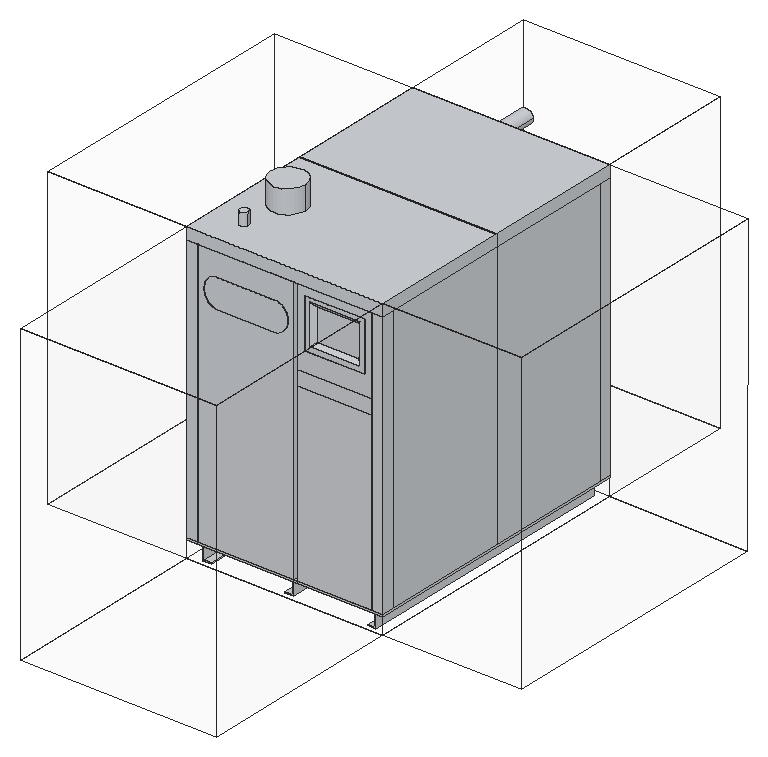
Revit family "Armor Large Input AWH", category Mechanical Equipment, Revit 2015
Parameters (values of type "AWH1250NPM")
  WEIGHT = "1,519"
  WATER CONN SIZE = Water Conn Radius * 2  # 2 1/2"
  Voltage & Phase / Heater = "120V / 1ø"
  SES BIM Studio # = "18 0649 01"
  Right Clearance Depth = 24"
  Outside Gas Conn Offset from Front = 5"
  Outside Gas Conn Offset from Bottom = 14"
  G_Air Inlet Offset From Front = 13 1/2"
  I_Water Conn Offset from Bottom = 46 3/4"
  FRICTION LOSS (FT HD) = "23"
  FLOW RATE (GPM) = "112"
  H_Air Inlet Offset From Left = 6 3/4"
  K_Flue Offset From Left = 19 3/4"
  Left Clearance Depth = 24"
  L_Flue Offset From Bottom = 23"
  F_Gas Conn Offset From Left = 5 1/2"
  Front Clearance Depth = 36"
  M_Water Outlet Offset From Right = 22 1/2"
  Water Conn Radius = 1 1/4"
  Elec Conn Offset from Bottom = 31 1/2"
  Outside Elements Display [instance] = yes
  Clearance Display = yes
  D_Unit Depth plus Water Outlet Length = 59"
  Condensate Drain Offset From Bottom = 4"
  Condensate Drain Radius = 3/8"
  Back Clearance Depth = 24"
  B_WIDTH = 34"
  Voltage & Phase / Pump = "120V / 1ø"
  Voltage/Control = "24"
  AIR INLET SIZE = Air Inlet Radius * 2  # 6"
  URL = "http://www.lochinvar.com/products/default.aspx?type=productline&lineid=256"
  Model = MODEL NO.  # "AWH1250NPM"
  Manufacturer = "Lochinvar"
  MODEL NO. = "AWH1250NPM"
  Gas Conn Radius = 3/4"
  E_Gas Conn Offset from Front = 5 1/2"
  Condensate Drain Offset From Left = 6"
  GAS CONN SIZE = Gas Conn Radius * 2  # 1 1/2"
  GALLON CAPACITY = "11.0"
  Flue Radius = 3"
  VENT SIZE = Flue Radius * 2  # 6"
  Elec Conn Offset from Right = 14 1/4"
  C_DEPTH = 49"
  INPUT RATE (BTUH) = "1,250,000"
  A_HEIGHT = 51 1/2"
  FUEL TYPE = "NATURAL GAS"
  Description = "Armor Large Input Condensing Commercial Gas Water Heater"
  Fuel Type = "Natural or LP"
  J_Water Inlet Offset from Right = 5 3/4"
  Air Inlet Radius = 3"
  # of Electrical Connections = "1"
Types (6): name | WEIGHT | WATER CONN SIZE | Voltage & Phase / Heater | G_Air Inlet Offset From Front | I_Water Conn Offset from Bottom | FRICTION LOSS (FT HD) | FLOW RATE (GPM) | H_Air Inlet Offset From Left | K_Flue Offset From Left | L_Flue Offset From Bottom | F_Gas Conn Offset From Left | M_Water Outlet Offset From Right | Water Conn Radius | Elec Conn Offset from Bottom | D_Unit Depth plus Water Outlet Length | B_WIDTH | Voltage & Phase / Pump | AIR INLET SIZE | Model | MODEL NO. | Gas Conn Radius | E_Gas Conn Offset from Front | GAS CONN SIZE | GALLON CAPACITY | Flue Radius | VENT SIZE | Elec Conn Offset from Right | C_DEPTH | INPUT RATE (BTUH) | A_HEIGHT | J_Water Inlet Offset from Right | Air Inlet Radius
  (no name) | "1,519" | 2 1/2" | "120V / 1ø" | 13 1/2" | 46 3/4" | "23" | "112" | 6 3/4" | 19 3/4" | 23" | 5 1/2" | 22 1/2" | 1 1/4" | 31 1/2" | 59" | 34" | "120V / 1ø" | 6" | "AWH1250NPM" | "AWH1250NPM" | 3/4" | 5 1/2" | 1 1/2" | "11.0" | 3" | 6" | 14 1/4" | 49" | "1,250,000" | 51 1/2" | 5 3/4" | 3"
  AWH1250NPM | "1,519" | 2 1/2" | "120V / 1ø" | 13 1/2" | 46 3/4" | "23" | "112" | 6 3/4" | 19 3/4" | 23" | 5 1/2" | 22 1/2" | 1 1/4" | 31 1/2" | 59" | 34" | "120V / 1ø" | 6" | "AWH1250NPM" | "AWH1250NPM" | 3/4" | 5 1/2" | 1 1/2" | "11.0" | 3" | 6" | 14 1/4" | 49" | "1,250,000" | 51 1/2" | 5 3/4" | 3"
  AWH1500NPM | "1,672" | 2 1/2" | "120V / 1ø" | 13 1/2" | 46 3/4" | "22" | "115" | 6 3/4" | 19 3/4" | 23" | 4 1/2" | 22 1/2" | 1 1/4" | 31 1/2" | 62 3/4" | 34" | "120V / 1ø" | 6" | "AWH1500NPM" | "AWH1500NPM" | 3/4" | 4 1/2" | 1 1/2" | "13.0" | 3" | 6" | 14 1/4" | 52 3/4" | "1,500,000" | 51 1/2" | 5 3/4" | 3"
  AWH2000NPM | "1,931" | 2 1/2" | "208V / 3ø" | 14 3/4" | 46 3/4" | "27" | "145" | 7 1/4" | 18 3/4" | 23" | 5 3/4" | 23 1/2" | 1 1/4" | 31 1/2" | 75 1/2" | 34" | "208V / 3ø" | 8" | "AWH2000NPM" | "AWH2000NPM" | 3/4" | 7" | 1 1/2" | "17.0" | 4" | 8" | 15 1/4" | 65 1/2" | "2,000,000" | 51 1/2" | 6 3/4" | 4"
  AWH3000NPM | "3,147" | 4" | "208V / 3ø" | 17 3/4" | 60 1/4" | "24" | "270" | 8 3/4" | 25 1/2" | 29 1/2" | 6 3/4" | 40" | 2" | 38" | 93 3/4" | 48 1/4" | "208V / 3ø" | 10" | "AWH3000NPM" | "AWH3000NPM" | 1" | 4 3/4" | 2" | "25.0" | 5" | 10" | 22 3/4" | 79 3/4" | "3,000,000" | 67 1/4" | 8 1/2" | 5"
  AWH4000NPM | "3,694" | 4" | "480V / 3ø" | 17 3/4" | 60 1/4" | "19" | "290" | 8 3/4" | 25 1/2" | 29 1/2" | 7 1/2" | 40" | 2" | 38" | 110" | 48 1/4" | "480V / 3ø" | 12" | "AWH4000NPM" | "AWH4000NPM" | 1 1/4" | 5" | 2 1/2" | "41.0" | 6" | 12" | 22 3/4" | 96" | "4,000,000" | 67 1/4" | 8 1/2" | 6"
Reference planes (in)
  plane 1 "Back": y = 6.125
  plane 2: z = 0
  plane 3 "Center (Left/Right)": x = -1.39218
  plane 4 "Bottom of Plate": z = 3
  plane 5 "Front": y = -42.875
  plane 6 "Top": z = 51.5
  plane 7: z = 49.5
  plane 8 "Left": x = -18.39218
  plane 9 "Right": x = 15.60782
  plane 10: x = -16.39218
  plane 11: x = 13.60782
  plane 12: y = 4.125
  plane 13: y = -40.875
  plane 14 "Top of Plate": z = 3.25
  plane 15 "Center (Front/Back)": y = -18.375
  plane 16: y = -19.375
  plane 17: y = -17.375
  plane 18 "Louver Start": y = -38.875
  plane 19: y = -21.375
  plane 20: y = 5.125
  plane 21: y = -41.875
  plane 22: x = 0.10782
  plane 23: x = 0.85782
Forms (in)
  Sweep 1, solid
    path origin (0, -24.5, 0) x (1, 0, 0) y (0, 1, 0)
      loop
        line (-1.39218, 29.625) -> (-1.39218, -17.375)
    profile origin (-1.39218, -18.375, 0) x (1, 0, 0) y (0, 0, 1)
      loop
        line (-0.75, 0) -> (0.75, 0) -> (0.75, 3) -> (-0.75, 3) -> (-0.75, 2.90625) -> (0.5625, 2.8125) -> (0.5625, 0.1875) -> (-0.75, 0.09375) -> (-0.75, 0)
  Extrusion 2, solid
    sketch origin (0, 0, 3.25) x (-1, 0, 0) y (0, -1, 0)
      loop
        line (16.39218, -4.125) -> (16.39218, 40.875) -> (-13.60782, 40.875) -> (-13.60782, -4.125) -> (16.39218, -4.125)
    from 0 to 46.25
  Extrusion 3, solid
    sketch origin (0, -24.5, 49.5) x (-1, 0, 0) y (0, -1, 0)
      loop
        line (18.39218, -6.125) -> (18.39218, 18.375) -> (-15.60782, 18.375) -> (-15.60782, -6.125) -> (18.39218, -6.125)
    from 0 to 2
  Extrusion 4, solid
    sketch origin (0, -24.5, 49.5) x (-1, 0, 0) y (0, -1, 0)
      loop
        line (18.39218, -30.625) -> (18.39218, -6.125) -> (-15.60782, -6.125) -> (-15.60782, -30.625) -> (18.39218, -30.625)
    from 0 to 2
  Extrusion 5, solid
    sketch origin (13.60782, 4.125, 3.25) x (0, -1, 0) y (0, 0, -1)
      loop
        line (47, -46.25) -> (47, 0) -> (45, 0) -> (45, -46.25) -> (47, -46.25)
    from 0 to 2
  Extrusion 6, solid
    sketch origin (13.60782, 4.125, 3.25) x (0, -1, 0) y (0, 0, -1)
      loop
        line (45, 0) -> (22.5, 0) -> (22.5, -46.25) -> (45, -46.25) -> (45, 0)
    from 0 to 2
  Extrusion 7, solid
    sketch origin (13.60782, 4.125, 3.25) x (0, -1, 0) y (0, 0, -1)
      loop
        line (22.5, 0) -> (0, 0) -> (0, -46.25) -> (22.5, -46.25) -> (22.5, 0)
    from 0 to 2
  Extrusion 8, solid
    sketch origin (13.60782, 4.125, 3.25) x (0, -1, 0) y (0, 0, -1)
      loop
        line (0, -46.25) -> (0, 0) -> (-2, 0) -> (-2, -46.25) -> (0, -46.25)
    from 0 to 2
  Extrusion 9, solid
    sketch origin (-16.39218, 4.125, 3.25) x (1, 0, 0) y (0, 0, -1)
      loop
        line (30, -46.25) -> (30, 0) -> (15, 0) -> (15, -46.25) -> (30, -46.25)
    from 0 to 2
  Extrusion 10, solid
    sketch origin (-16.39218, 4.125, 3.25) x (1, 0, 0) y (0, 0, -1)
      loop
        line (15, -46.25) -> (15, 0) -> (0, 0) -> (0, -46.25) -> (15, -46.25)
    from 0 to 2
  Extrusion 11, solid
    sketch origin (0, 0, 3) x (-1, 0, 0) y (0, -1, 0)
      loop
        line (18.39218, -6.125) -> (18.39218, 42.875) -> (-15.60782, 42.875) -> (-15.60782, -6.125) -> (18.39218, -6.125)
    from 0 to 0.25
  Extrusion 12, solid
    sketch origin (-16.39218, -40.875, 3.25) x (0, 1, 0) y (0, 0, -1)
      loop
        line (47, -46.25) -> (47, 0) -> (45, 0) -> (45, -46.25) -> (47, -46.25)
    from 0 to 2
  Extrusion 13, solid
    sketch origin (-16.39218, -98.39218, -7.9004) x (0, 1, 0) y (0, 0, -1)
      loop
        line (55.51718, -57.4004) -> (57.51718, -57.4004) -> (57.51718, -11.1504) -> (55.51718, -11.1504) -> (55.51718, -57.4004)
    from 0 to 2
  Extrusion 14, solid
    sketch origin (-16.39218, -40.875, 3.25) x (0, 1, 0) y (0, 0, -1)
      loop
        line (45, -46.25) -> (45, 0) -> (23.5, 0) -> (23.5, -46.25) -> (45, -46.25)
    from 0 to 2
  Extrusion 15, solid
    sketch origin (-16.39218, -40.875, 3.25) x (0, 1, 0) y (0, 0, -1)
      loop
        line (21.5, -46.25) -> (21.5, 0) -> (0, 0) -> (0, -46.25) -> (21.5, -46.25)
    from 0 to 2
  Extrusion 16, solid
    sketch origin (-16.39218, -40.875, 3.25) x (0, 1, 0) y (0, 0, -1)
      loop
        line (23.5, -46.25) -> (23.5, 0) -> (21.5, 0) -> (21.5, -46.25) -> (23.5, -46.25)
    from 0 to 2
  Extrusion 17, solid
    sketch origin (13.60782, -40.875, 3.25) x (-1, 0, 0) y (0, 0, -1)
      loop
        line (30, -46.25) -> (30, 0) -> (13.5, 0) -> (13.5, -46.25) -> (30, -46.25)
      loop
        arc (26.5625, -42.25) -> (28.28607, -41.53607) -> (29, -39.8125) r 2.4375
        line (29, -39.8125) -> (29, -39.6875)
        arc (29, -39.6875) -> (28.28607, -37.96393) -> (26.5625, -37.25) r 2.4375
        line (26.5625, -37.25) -> (16.9375, -37.25)
        arc (16.9375, -37.25) -> (15.21393, -37.96393) -> (14.5, -39.6875) r 2.4375
        line (14.5, -39.6875) -> (14.5, -39.8125)
        arc (14.5, -39.8125) -> (15.21393, -41.53607) -> (16.9375, -42.25) r 2.4375
        line (16.9375, -42.25) -> (26.5625, -42.25)
    from 0 to 2
  Extrusion 18, solid
    sketch origin (13.60782, -40.875, 3.25) x (-1, 0, 0) y (0, 0, -1)
      loop
        line (12.75, -30.25) -> (12.75, 0) -> (0, 0) -> (0, -30.25) -> (12.75, -30.25)
    from 0 to 2
  Extrusion 19, solid
    sketch origin (13.60782, -40.875, 3.25) x (-1, 0, 0) y (0, 0, -1)
      loop
        line (12.75, -32.75) -> (0, -32.75) -> (0, -46.25) -> (12.75, -46.25) -> (12.75, -32.75)
      loop
        line (11.5, -44.75) -> (11.5, -36.25) -> (1.25, -36.25) -> (1.25, -44.75) -> (11.5, -44.75)
    from 0 to 2
  Extrusion 20, solid
    sketch origin (13.60782, -40.875, 3.25) x (-1, 0, 0) y (0, 0, -1)
      loop
        line (11.5, -44.75) -> (11.5, -36.25) -> (1.25, -36.25) -> (1.25, -44.75) -> (11.5, -44.75)
    from 0 to 1.25
  Sweep 21, solid
    path origin (13.60782, -42.125, 3.25) x (-1, 0, 0) y (0, 0, -1)
      loop
        line (11.5, -44.75) -> (11.5, -36.25) -> (1.25, -36.25) -> (1.25, -44.75) -> (11.5, -44.75)
    profile origin (7.23282, -42.125, 48) x (0, 0, 1) y (0, -1, 0)
      loop
        line (0, 0) -> (0, 0.75) -> (-0.75, 0.75) -> (-1.5, 0) -> (0, 0)
  Extrusion 22, solid, visible <- "Outside Elements Display"
    sketch origin (0, -38.875, 3.5) x (-1, 0, 0) y (0, 0, 1)
      loop
        line (18.39218, 43) -> (18.39218, 37.5) -> (20.14218, 37.5) -> (18.39218, 43)
      loop
        line (18.39218, 35) -> (18.39218, 29.5) -> (20.14218, 29.5) -> (18.39218, 35)
      loop
        line (18.39218, 27) -> (18.39218, 21.5) -> (20.14218, 21.5) -> (18.39218, 27)
      loop
        line (18.39218, 19) -> (18.39218, 13.5) -> (20.14218, 13.5) -> (18.39218, 19)
    from 0 to 17.5
  Sweep 23, solid
    path origin (14.25, -24.5, 0) x (1, 0, 0) y (0, 1, 0)
      loop
        line (-0.64218, 29.625) -> (-0.64218, -17.375)
    profile origin (13.60782, -18.375, 0) x (1, 0, 0) y (0, 0, 1)
      loop
        line (-1.5, 0) -> (0, 0) -> (0, 3) -> (-1.5, 3) -> (-1.5, 2.90625) -> (-0.1875, 2.8125) -> (-0.1875, 0.1875) -> (-1.5, 0.09375) -> (-1.5, 0)
  Sweep 24, solid
    path origin (0, 0, 0) x (1, 0, 0) y (0, 1, 0)
      loop
        line (-16.39218, 5.125) -> (-16.39218, -41.875)
    profile origin (-16.39218, -18.375, 0) x (1, 0, 0) y (0, 0, 1)
      loop
        line (1.5, 0) -> (1.5, 0.09375) -> (0.1875, 0.1875) -> (0.1875, 2.8125) -> (1.5, 2.90625) -> (1.5, 3) -> (0, 3) -> (0, 0) -> (1.5, 0)
  Extrusion 25, solid
    sketch origin (13.60782, -40.875, 3.25) x (-1, 0, 0) y (0, 0, -1)
      loop
        line (12.75, -32.75) -> (12.75, -30.25) -> (0, -30.25) -> (0, -32.75) -> (12.75, -32.75)
    from 0 to 2
  Extrusion 26, solid
    sketch origin (13.60782, -40.875, 3.25) x (-1, 0, 0) y (0, 0, -1)
      loop
        arc (26.5625, -42.25) -> (28.28607, -41.53607) -> (29, -39.8125) r 2.4375
        line (29, -39.8125) -> (29, -39.6875)
        arc (29, -39.6875) -> (28.28607, -37.96393) -> (26.5625, -37.25) r 2.4375
        line (26.5625, -37.25) -> (16.9375, -37.25)
        arc (16.9375, -37.25) -> (15.21393, -37.96393) -> (14.5, -39.6875) r 2.4375
        line (14.5, -39.6875) -> (14.5, -39.8125)
        arc (14.5, -39.8125) -> (15.21393, -41.53607) -> (16.9375, -42.25) r 2.4375
        line (16.9375, -42.25) -> (26.5625, -42.25)
    from 0 to 2
  Extrusion 27, solid
    sketch origin (0, -24.5, 51.5) x (-1, 0, 0) y (0, -1, 0)
      loop
        circle (11.64218, 4.875) r 3
    from 0 to 4
  Extrusion 28, solid
    sketch origin (0, -24.5, 51.5) x (-1, 0, 0) y (0, -1, 0)
      loop
        circle (12.89218, 12.875) r 0.75
    from 0 to 2
  Extrusion 29, solid, visible <- "Outside Elements Display"
    sketch origin (-18.39218, -40.875, 3.25) x (0, 1, 0) y (0, 0, -1)
      loop
        circle (3, -10.75) r 0.75
    from 0 to 2
  Extrusion 30, solid
    sketch origin (-16.39218, 6.125, 3.25) x (1, 0, 0) y (0, 0, -1)
      loop
        circle (26.25, -43.5) r 1.25
    from 0 to 4
  Extrusion 31, solid
    sketch origin (-16.39218, 6.125, 3.25) x (1, 0, 0) y (0, 0, -1)
      loop
        circle (9.5, -43.5) r 1.25
    from 0 to 10
  Extrusion 32, solid
    sketch origin (-16.39218, 6.125, 3.25) x (1, 0, 0) y (0, 0, -1)
      loop
        circle (17.75, -19.75) r 3
    from 0 to 2
  Extrusion 33, solid
    sketch origin (-39.03022, 6.125, -31.59713) x (1, 0, 0) y (0, 0, -1)
      loop
        circle (26.63804, -35.59713) r 0.375
    from 0 to 2
  Extrusion 34, solid
    sketch origin (-16.39218, 6.125, 3.25) x (1, 0, 0) y (0, 0, -1)
      loop
        circle (17.75, -28.25) r 0.5
    from 0 to 0.25
  Extrusion 35, solid, material "Clearance", visible <- "Clearance Display"
    sketch origin (-16.39218, 6.125, 3.25) x (1, 0, 0) y (0, 0, -1)
      loop
        line (32, -48.25) -> (32, 3.25) -> (-2, 3.25) -> (-2, -48.25) -> (32, -48.25)
    from 0 to 24 <- "Back Clearance Depth"
  Extrusion 36, solid, material "Clearance", visible <- "Clearance Display"
    sketch origin (13.60782, -42.875, 3.25) x (-1, 0, 0) y (0, 0, -1)
      loop
        line (32, -48.25) -> (32, 3.25) -> (-2, 3.25) -> (-2, -48.25) -> (32, -48.25)
    from 0 to 36 <- "Front Clearance Depth"
  Extrusion 37, solid, material "Clearance", visible <- "Clearance Display"
    sketch origin (15.60782, 4.125, 3.25) x (0, -1, 0) y (0, 0, -1)
      loop
        line (47, -48.25) -> (47, 3.25) -> (-2, 3.25) -> (-2, -48.25) -> (47, -48.25)
    from 0 to 24 <- "Right Clearance Depth"
  Extrusion 38, solid, material "Clearance", visible <- "Clearance Display"
    sketch origin (-18.39218, -40.875, 3.25) x (0, 1, 0) y (0, 0, -1)
      loop
        line (47, -48.25) -> (47, 3.25) -> (-2, 3.25) -> (-2, -48.25) -> (47, -48.25)
    from 0 to 24 <- "Left Clearance Depth"
Dimensions and locks (in)
  "C_DEPTH": plane 5 "Front" to plane 1 "Back"
  "B_WIDTH": plane 8 "Left" to plane 9 "Right"
  "A_HEIGHT": plane 6 "Top" to plane 2
  locked: plane 13 to plane 5 "Front" at 2
  locked: plane 21 to plane 5 "Front" at 1
  locked: plane 18 "Louver Start" to plane 13 at 2
  equal spacing: plane 5 "Front", plane 15 "Center (Front/Back)", plane 1 "Back"
  locked: plane 16 to plane 19 at 2
  locked: plane 15 "Center (Front/Back)" to plane 16 at 1
  locked: plane 17 to plane 15 "Center (Front/Back)" at 1
  locked: plane 8 "Left" to plane 10 at 2
  locked: plane 11 to plane 9 "Right" at 2
  equal spacing: plane 8 "Left", plane 3 "Center (Left/Right)", plane 9 "Right"
  locked: plane 6 "Top" to plane 7 at 2
  locked: Extrusion 15 to Extrusion 22 at 3
  locked: Extrusion 22 to Extrusion 22 at 5.5  (x4)
  locked: Extrusion 22 to Extrusion 22 at 2.5  (x3)
  locked: plane 23 to plane 11 at 12.75
  locked: plane 23 to plane 22 at 0.75
  locked: plane 22 to Extrusion 17 at 1
  locked: Extrusion 17 to Extrusion 17 at 14.5
  "H_Air Inlet Offset From Left": plane 8 "Left" to Extrusion 27 sketch curve
  "G_Air Inlet Offset From Front": Extrusion 27 sketch curve to plane 5 "Front"
  "E_Gas Conn Offset from Front": Extrusion 28 sketch curve to plane 5 "Front"
  "F_Gas Conn Offset From Left": plane 8 "Left" to Extrusion 28 sketch curve
  "Outside Gas Conn Offset from Front": Extrusion 29 sketch curve to plane 5 "Front"
  "Outside Gas Conn Offset from Bottom": Extrusion 29 sketch curve to plane 2
  "J_Water Inlet Offset from Right": Extrusion 30 sketch curve to plane 9 "Right"
  "I_Water Conn Offset from Bottom": plane 2 to Extrusion 30 sketch curve
  "M_Water Outlet Offset From Right": Extrusion 31 sketch curve to plane 9 "Right"
  "I_Water Conn Offset from Bottom": plane 2 to Extrusion 31 sketch curve
  "L_Flue Offset From Bottom": plane 2 to Extrusion 32 sketch curve
  "K_Flue Offset From Left": plane 8 "Left" to Extrusion 32 sketch curve
  "D_Unit Depth plus Water Outlet Length": Extrusion 31 to plane 5 "Front"
  "Condensate Drain Offset From Left": plane 8 "Left" to Extrusion 33 sketch curve
  "Condensate Drain Offset From Bottom": plane 2 to Extrusion 33 sketch curve
  "Elec Conn Offset from Right": Extrusion 34 sketch curve to plane 9 "Right"
  "Elec Conn Offset from Bottom": plane 2 to Extrusion 34 sketch curve
  "Air Inlet Radius": radius of Extrusion 27 sketch curve
  "Gas Conn Radius": radius of Extrusion 28 sketch curve
  "Gas Conn Radius": radius of Extrusion 29 sketch curve
  "Water Conn Radius": radius of Extrusion 30 sketch curve
  "Water Conn Radius": radius of Extrusion 31 sketch curve
  "Flue Radius": radius of Extrusion 32 sketch curve
  "Condensate Drain Radius": radius of Extrusion 33 sketch curve
  aligned and locked: plane 7 to Extrusion 2
  aligned and locked: Extrusion 2 to plane 11
  aligned and locked: plane 10 to Extrusion 2
  aligned and locked: plane 19 to Extrusion 22
  aligned and locked: plane 20 to Sweep 1 sketch curve
  aligned and locked: plane 21 to Sweep 1 sketch curve
  aligned and locked: plane 20 to Sweep 24 sketch curve
  aligned and locked: plane 21 to Sweep 24 sketch curve
  aligned and locked: plane 20 to Sweep 23 sketch curve
  aligned and locked: plane 21 to Sweep 23 sketch curve
  aligned and locked: plane 10 to Sweep 24 sketch curve
  aligned and locked: plane 11 to Sweep 23 sketch curve
  aligned and locked: Extrusion 11 to plane 5 "Front"
  aligned and locked: Extrusion 3 to plane 5 "Front"
  aligned and locked: Extrusion 17 to plane 5 "Front"
  aligned and locked: Extrusion 19 to plane 5 "Front"
  aligned and locked: Extrusion 5 to plane 5 "Front"
  aligned and locked: Extrusion 13 to plane 5 "Front"
  aligned and locked: Extrusion 2 to plane 13
  aligned and locked: Extrusion 15 to Extrusion 2
  aligned and locked: Extrusion 13 to Extrusion 2
  aligned and locked: Extrusion 2 to Extrusion 6
  aligned and locked: Extrusion 5 to Extrusion 2
  aligned and locked: plane 15 "Center (Front/Back)" to Extrusion 4 sketch curve
  aligned and locked: Extrusion 3 sketch curve to plane 15 "Center (Front/Back)"
  aligned and locked: Extrusion 7 to plane 15 "Center (Front/Back)"
  aligned and locked: Extrusion 6 to Extrusion 7
  aligned and locked: plane 17 to Extrusion 16
  aligned and locked: Extrusion 16 to plane 16
  aligned and locked: Extrusion 14 to Extrusion 16
  aligned and locked: Extrusion 15 to Extrusion 16
  aligned and locked: Extrusion 9 to plane 3 "Center (Left/Right)"
  aligned and locked: plane 3 "Center (Left/Right)" to Extrusion 10
  aligned and locked: plane 6 "Top" to Extrusion 3
  aligned and locked: plane 6 "Top" to Extrusion 4
  aligned and locked: Extrusion 19 to plane 23
  aligned and locked: Extrusion 19 to Extrusion 25
  aligned and locked: Extrusion 18 to plane 23
  aligned and locked: plane 22 to Extrusion 17
  aligned and locked: Extrusion 26 sketch curve to Extrusion 17  (x4)
  aligned and locked: Extrusion 4 to plane 1 "Back"
  aligned and locked: Extrusion 11 to plane 1 "Back"
  aligned and locked: Extrusion 12 to plane 1 "Back"
  aligned and locked: Extrusion 10 to plane 1 "Back"
  aligned and locked: Extrusion 9 to plane 1 "Back"
  aligned and locked: Extrusion 8 to plane 1 "Back"
  aligned and locked: Extrusion 35 sketch curve to Extrusion 3  (x2)
  aligned and locked: Extrusion 35 sketch curve to plane 8 "Left"
  aligned and locked: Extrusion 36 sketch curve to Extrusion 3
  aligned and locked: Extrusion 36 sketch curve to Extrusion 35  (x2)
  aligned and locked: Extrusion 36 to Extrusion 37 sketch curve
  aligned and locked: Extrusion 37 sketch curve to Extrusion 36
  aligned and locked: Extrusion 37 sketch curve to Extrusion 35
  aligned and locked: Extrusion 38 sketch curve to Extrusion 37
  aligned and locked: Extrusion 38 sketch curve to Extrusion 35
  aligned and locked: Extrusion 38 sketch curve to Extrusion 36
Automatic sketch dimensions
  Sweep 1 sketch curve to plane 3 "Center (Left/Right)" = 0"
  Sweep 1 sketch curve to level = 0"
  profile plane to Sweep 1 sketch curve = 3/4"  (x2)
  level to Sweep 1 sketch curve = 3/16"
  Sweep 1 sketch curve to profile plane = 9/16"
  Sweep 1 sketch curve to Sweep 1 sketch curve = 3/16"
  level to Sweep 1 sketch curve = 3/32"
  Sweep 1 sketch curve to Sweep 1 sketch curve = 2 5/8"
  Sweep 1 sketch curve to Sweep 1 sketch curve = 3/32"  (x2)
  Extrusion 2 sketch curve to plane 11 = 0"
  Extrusion 2 sketch curve to plane 10 = 0"
  Extrusion 2 sketch curve to plane 12 = 0"
  Extrusion 2 sketch curve to plane 13 = 0"
  Extrusion 5 sketch curve to Extrusion 2 = 0"  (x3)
  Extrusion 5 sketch curve to Extrusion 2 = 2"
  Extrusion 6 sketch curve to Extrusion 2 = 0"  (x2)
  Extrusion 2 to Extrusion 6 sketch curve = 0"
  Extrusion 2 to Extrusion 6 sketch curve = 22 1/2"
  Extrusion 7 sketch curve to Extrusion 2 = 0"  (x2)
  Extrusion 2 to Extrusion 7 sketch curve = 0"
  Extrusion 7 sketch curve to Extrusion 7 sketch curve = 22 1/2"
  Extrusion 2 to Extrusion 8 sketch curve = 0"  (x2)
  Extrusion 8 sketch curve to Extrusion 2 = 0"
  Extrusion 8 sketch curve to Extrusion 2 = 2"
  Extrusion 9 sketch curve to Extrusion 2 = 0"  (x3)
  Extrusion 9 sketch curve to Extrusion 2 = 15"
  Extrusion 10 sketch curve to Extrusion 2 = 0"  (x2)
  Extrusion 2 to Extrusion 10 sketch curve = 0"
  Extrusion 10 sketch curve to Extrusion 10 sketch curve = 15"
  plane 1 "Back" to Extrusion 11 sketch curve = 0"
  Extrusion 11 sketch curve to plane 9 "Right" = 0"
  Extrusion 11 sketch curve to plane 5 "Front" = 0"
  Extrusion 11 sketch curve to plane 8 "Left" = 0"
  Extrusion 12 sketch curve to Extrusion 2 = 0"  (x3)
  Extrusion 12 sketch curve to Extrusion 2 = 2"
  Extrusion 2 to Extrusion 13 sketch curve = 0"  (x2)
  Extrusion 13 sketch curve to Extrusion 2 = 0"
  Extrusion 2 to Extrusion 13 sketch curve = 2"
  Extrusion 2 to Extrusion 14 sketch curve = 0"
  Extrusion 14 sketch curve to Extrusion 2 = 0"  (x2)
  Extrusion 2 to Extrusion 14 sketch curve = 21 1/2"
  Extrusion 2 to Extrusion 15 sketch curve = 0"
  Extrusion 15 sketch curve to Extrusion 2 = 0"  (x2)
  Extrusion 15 sketch curve to Extrusion 2 = 21 1/2"
  Extrusion 2 to Extrusion 16 sketch curve = 0"
  Extrusion 16 sketch curve to Extrusion 2 = 0"
  Extrusion 16 sketch curve to Extrusion 2 = 21 1/2"
  Extrusion 16 sketch curve to Extrusion 16 sketch curve = 2"
  Extrusion 18 sketch curve to Extrusion 2 = 0"  (x2)
  Extrusion 18 sketch curve to Extrusion 2 = 12 3/4"
  Extrusion 2 to Extrusion 18 sketch curve = 16"
  Extrusion 19 sketch curve to Extrusion 2 = 0"  (x2)
  Extrusion 19 sketch curve to Extrusion 2 = 1 1/4"
  Extrusion 2 to Extrusion 19 sketch curve = 1 1/2"
  Extrusion 19 sketch curve to Extrusion 19 sketch curve = 10 1/4"
  Extrusion 19 sketch curve to Extrusion 19 sketch curve = 1 1/4"
  Extrusion 19 sketch curve to Extrusion 19 sketch curve = 8 1/2"
  Extrusion 19 sketch curve to Extrusion 19 sketch curve = 3 1/2"
  Extrusion 20 sketch curve to Extrusion 2 = 1 1/4"
  Extrusion 20 sketch curve to Extrusion 20 sketch curve = 10 1/4"
  Extrusion 2 to Extrusion 20 sketch curve = 1 1/2"
  Extrusion 20 sketch curve to Extrusion 20 sketch curve = 8 1/2"
  Sweep 21 sketch curve to Extrusion 20 = 0"  (x3)
  Extrusion 20 to Sweep 21 sketch curve = 0"
  Sweep 21 sketch curve to profile plane = 0"
  profile plane to Sweep 21 sketch curve = 0"
  profile plane to Sweep 21 sketch curve = 3/4"  (x2)
  Sweep 21 sketch curve to Sweep 21 sketch curve = 3/4"
  plane 8 "Left" to Extrusion 22 sketch curve = 0"  (x4)
  Extrusion 22 sketch curve to Extrusion 22 sketch curve = 1 3/4"  (x4)
  plane 14 "Top of Plate" to Extrusion 22 sketch curve = 13 3/4"
  Extrusion 22 sketch curve to Extrusion 22 sketch curve = 5 1/2"  (x3)
  Extrusion 22 sketch curve to Extrusion 22 sketch curve = 2 1/2"  (x3)
  Extrusion 22 sketch curve to plane 7 = 3"
  Sweep 23 sketch curve to level = 0"
  profile plane to Sweep 23 sketch curve = 0"
  profile plane to Sweep 23 sketch curve = 3/16"
  Sweep 23 sketch curve to Sweep 23 sketch curve = 1 5/16"  (x2)
  level to Sweep 23 sketch curve = 3/32"
  level to Sweep 23 sketch curve = 3/16"
  Sweep 23 sketch curve to Sweep 23 sketch curve = 2 5/8"
  Sweep 23 sketch curve to Sweep 23 sketch curve = 3/32"  (x2)
  Sweep 24 sketch curve to level = 0"
  profile plane to Sweep 24 sketch curve = 0"
  Sweep 24 sketch curve to profile plane = 3/16"
  Sweep 24 sketch curve to Sweep 24 sketch curve = 1 5/16"  (x2)
  level to Sweep 24 sketch curve = 3/32"
  level to Sweep 24 sketch curve = 3/16"
  Sweep 24 sketch curve to Sweep 24 sketch curve = 2 5/8"
  Sweep 24 sketch curve to Sweep 24 sketch curve = 3/32"  (x2)
  Extrusion 2 to Extrusion 4 sketch curve = 2"  (x3)
  Extrusion 2 to Extrusion 3 sketch curve = 2"  (x3)
  Extrusion 25 sketch curve to Extrusion 2 = 0"
  Extrusion 25 sketch curve to Extrusion 2 = 12 3/4"
  Extrusion 2 to Extrusion 25 sketch curve = 13 1/2"
  Extrusion 25 sketch curve to Extrusion 25 sketch curve = 2 1/2"
  Extrusion 17 sketch curve to Extrusion 2 = 0"  (x3)
  Extrusion 2 to Extrusion 17 sketch curve = 1"
  Extrusion 17 sketch curve to Extrusion 17 sketch curve = 2 7/16"  (x2)
  Extrusion 17 sketch curve to Extrusion 17 sketch curve = 0"  (x2)
  Extrusion 17 sketch curve to Extrusion 17 sketch curve = 9 5/8"
  Extrusion 17 sketch curve to Extrusion 2 = 13 1/2"
  Extrusion 2 to Extrusion 17 sketch curve = 4"
  Extrusion 17 sketch curve to Extrusion 17 sketch curve = 1/8"
  Extrusion 26 sketch curve to Extrusion 26 sketch curve = 2 7/16"  (x2)
  Extrusion 26 sketch curve to Extrusion 26 sketch curve = 0"  (x2)
  Extrusion 9 to Extrusion 35 sketch curve = 3 1/4"
  Extrusion 17 to Extrusion 36 sketch curve = 3 1/4"
  Extrusion 6 to Extrusion 37 sketch curve = 3 1/4"
  Extrusion 14 to Extrusion 38 sketch curve = 3 1/4"
  radius of Extrusion 34 sketch curve = 1/2"
Connectors (in)
  hvac at (-11.64218, -29.375, 55.5), driven by "Air Inlet Radius"
    settings: on Extrusion 27, index 1, duct flow 0 CFM, flow factor 0, pres drop 0.00 in-wg, loss coef 0, conn angle 0.00°, conn width 12", conn height 12", conn diameter 6", duct sys type 1, conn prof type 0, flow config 0, flow direction 1, loss method 0, conn ref index -1, conn util no, is conn primary yes, conn desc "Air Inlet"
  piping at (-12.89218, -37.375, 53.5), diameter 1.5, driven by "Gas Conn Radius"
    settings: on Extrusion 28, index 2, connector inside diameter 24", connector length 0", flow factor 0, pipe flow 0 GPM, pressure drop 0.00 psi, fitting loss kfactor 0, connector angle 0.00°, fixture units 0, engagement length 0", angle of deflection 0.00°, flow configuration 0, flow direction 1, fitting loss method 0, system type 22, joint type 0, gender type 0, connector reference index -1, connector utility 0, adjustable connector no, is connector primary yes, connector description "Gas Connection"
  piping at (-20.39218, -37.875, 14), diameter 1.5, driven by "Gas Conn Radius"
    settings: on Extrusion 29, index 3, connector inside diameter 24", connector length 0", flow factor 0, pipe flow 0 GPM, pressure drop 0.00 psi, fitting loss kfactor 0, connector angle 0.00°, fixture units 0, engagement length 0", angle of deflection 0.00°, flow configuration 0, flow direction 1, fitting loss method 0, system type 22, joint type 0, gender type 0, connector reference index -1, connector utility 0, adjustable connector no, is connector primary no, connector description "Outside Gas Connection"
  piping at (9.85782, 10.125, 46.75), diameter 2.5, driven by "Water Conn Radius"
    settings: on Extrusion 30, index 4, connector inside diameter 24", connector length 0", flow factor 0, pipe flow 0 GPM, pressure drop 0.00 psi, fitting loss kfactor 0, connector angle 0.00°, fixture units 0, engagement length 0", angle of deflection 0.00°, flow configuration 0, flow direction 1, fitting loss method 0, system type 8, joint type 0, gender type 0, connector reference index -1, connector utility 0, adjustable connector no, is connector primary no, connector description "Water Inlet"
  piping at (-6.89218, 16.125, 46.75), diameter 2.5, driven by "Water Conn Radius"
    settings: on Extrusion 31, index 5, connector inside diameter 24", connector length 0", flow factor 0, pipe flow 0 GPM, pressure drop 0.00 psi, fitting loss kfactor 0, connector angle 0.00°, fixture units 0, engagement length 0", angle of deflection 0.00°, flow configuration 0, flow direction 2, fitting loss method 0, system type 7, joint type 0, gender type 0, connector reference index -1, connector utility 0, adjustable connector no, is connector primary no, connector description "Water Outlet"
  hvac at (1.35782, 8.125, 23), driven by "Flue Radius"
    settings: on Extrusion 32, index 6, duct flow 0 CFM, flow factor 0, pres drop 0.00 in-wg, loss coef 0, conn angle 0.00°, conn width 12", conn height 12", conn diameter 6", duct sys type 3, conn prof type 0, flow config 0, flow direction 2, loss method 0, conn ref index -1, conn util no, is conn primary no, conn desc "Flue"
  electrical at (1.35782, 6.375, 31.5)
    settings: on Extrusion 34, index 7, voltage 0 V, apparent load 0 VA, apparent load phase1 0 VA, apparent load phase2 0 VA, apparent load phase3 0 VA, power factor 1, load classification "Other", number of poles 1, system type 31, power factor state 1, is connector primary yes, connector utility no, sub classification motor no, connector description "Line Voltage"
  piping at (-12.39218, 8.125, 4), diameter 0.75, driven by "Condensate Drain Radius"
    settings: on Extrusion 33, index 8, connector inside diameter 24", connector length 0", flow factor 0, pipe flow 0 GPM, pressure drop 0.00 psi, fitting loss kfactor 0, connector angle 0.00°, fixture units 0, engagement length 0", angle of deflection 0.00°, flow configuration 0, flow direction 2, fitting loss method 0, system type 22, joint type 0, gender type 0, connector reference index -1, connector utility 0, adjustable connector no, is connector primary no, connector description "Condensate Drain"
